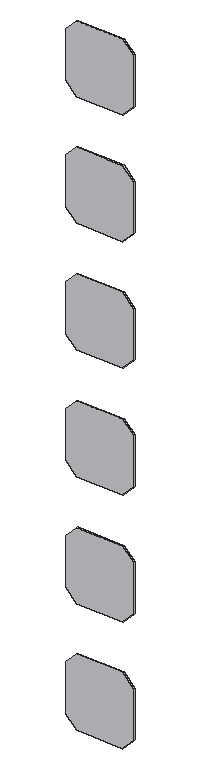
Revit family "Solar Cell Array", category Generic Models, Revit 2016
Family settings
  Part Type = Normal
  Can host rebar = No
  Round Connector Dimension = Use Diameter
  Work Plane-Based = No
  Always vertical = Yes
  Cut with Voids When Loaded = No
  Shared = No
  Room Calculation Point = No
Parameters
  UpSpread [instance] = 1456 mm
  Cells Up [instance] = 6
Reference planes
  plane 1 "Center (Front/Back)": y = 0
  plane 2: z = 0
  plane 3 "Center (Left/Right)": x = 0
Dimensions and locks
  equal spacing: group 1, group 3, group 4, group 5, group 6, group 2  (x3)
  equal spacing: nested 2, nested 6, nested 5, nested 4, nested 3, nested 1
  "UpSpread": nested 2 to level
  aligned and locked: level to plane 2
Nested families
  nested 1: "Solar Cell" at (-78, 0, 0), type "Solar Cell"
  nested 2: "Solar Cell" at (-78, 0, 1300), type "Solar Cell"
  nested 3: "Solar Cell" at (-78, 0, 260), type "Solar Cell"
  nested 4: "Solar Cell" at (-78, 0, 520), type "Solar Cell"
  nested 5: "Solar Cell" at (-78, 0, 780), type "Solar Cell"
  nested 6: "Solar Cell" at (-78, 0, 1040), type "Solar Cell"
Definition of nested family "Solar Cell"
  Reference planes
    plane 1 "Center (Front/Back)": y = 0
    plane 2: z = 0
    plane 3 "Center (Left/Right)": x = 0
  Forms (mm)
    Extrusion 1, solid
      sketch origin (0, 0, 0) x (1, 0, 0) y (0, 0, 1)
        loop
          line (25, 0) -> (131, 0) -> (156, 25) -> (156, 131) -> (131, 156) -> (25, 156) -> (0, 131) -> (0, 25) -> (25, 0)
      from 0 to 1
  Lines and regions (mm)
    reference lines
      curve 1: line (-50, 0, 25) -> (-50, 0, 131)
      curve 2: line (131, 0, -50) -> (25, 0, -50)
      curve 3: line (78, 0, 156) -> (78, 0, 0)
      curve 4: line (206, 0, 131) -> (206, 0, 25)
      curve 5: line (25, 0, 206) -> (131, 0, 206)
  Dimensions and locks
    locked: Extrusion 1 to curve 1 at 50
    locked: Extrusion 1 to curve 2 at 50
    equal spacing: Extrusion 1, curve 3, Extrusion 1
    locked: Extrusion 1 to curve 4 at 50
    locked: curve 5 to Extrusion 1 at 50
    aligned and locked: level to plane 2
    aligned and locked: Extrusion 1 sketch curve to plane 3 "Center (Left/Right)"
    aligned and locked: Extrusion 1 sketch curve to level
  Automatic sketch dimensions
    plane 3 "Center (Left/Right)" to Extrusion 1 sketch curve = 25 mm  (x2)
    Extrusion 1 sketch curve to Extrusion 1 sketch curve = 106 mm  (x4)
    Extrusion 1 sketch curve to Extrusion 1 sketch curve = 25 mm  (x2)
    level to Extrusion 1 sketch curve = 25 mm  (x2)
    curve 3 to level = 0 mm
    curve 1 to plane 3 "Center (Left/Right)" = 50 mm
    plane 3 "Center (Left/Right)" to curve 2 = 25 mm
    plane 3 "Center (Left/Right)" to curve 3 = 78 mm
    curve 3 to curve 2 = 53 mm
    curve 2 to level = 50 mm
    level to curve 1 = 25 mm
    curve 1 to curve 1 = 106 mm
    curve 1 to curve 3 = 25 mm
